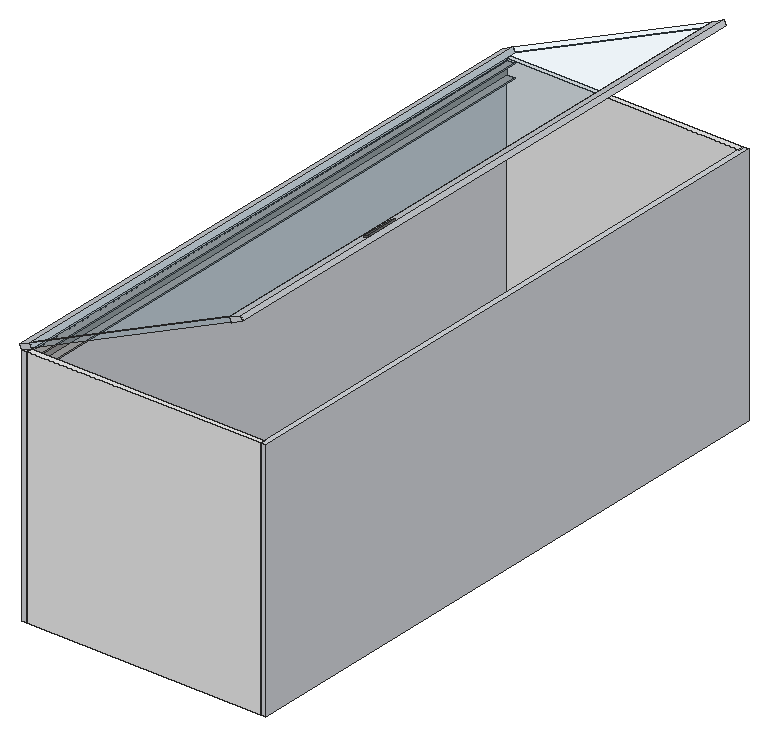
Revit family "Domotics-CablaggioStrutturato-GEWISS-QUADRI_PAVIMENTO_19_42U_P800", category Apparecchi elettrici, host Superficie, Revit 2019
Family settings
  Host = Superficie
  Mantenere orientamento annotazione = Sì
  Quota connettore circolare = Usa diametro
  Tipo di parte = Normale
  Numero OmniClass = 23.80.30.00
  Titolo OmniClass = Distribution Devices
  Taglio con vuoti quando caricato = No
  Condiviso = No
  Punto di calcolo locali = Sì
Parameters (values of type "GW38463 - ARMADIO DA PAVIMENTO 19 42U 800x800MM")
  simbolo in pianta [instance] = yes
  n_poli = 1
  barra din = yes
  Visibilità sportello [instance] = yes
  Versione file RFA = "21.2"
  UnitÃ  di cablaggio = "42 U"
  URL = "https://www.gewiss.com/it/it"
  Tipologia porta = "Reversibile"
  Scheda Tecnica = "https://www.gewiss.com/it/it/search?q=GW38463"
  SEO = "Armadio LAN"
  Prospetto di default = 900 mm
  ProfonditÃ  (mm) = "800 mm"
  Produttore = "GEWISS S.p.A."
  Portata statica = "1000KG"
  Nome quadro [instance] = "n.quadro"
  N. montanti = "4"
  Modello = "GW38463"
  Materiale = "Acciaio"
  Immagine tipo = C.jpg
  IDT = "cd83dd094835441a857497f56a0b9f0e"
  IDF = "a5d9981e-bafc-470c-bb79-f697131a7422"
  Grado di protezione = "IP20"
  Finitura = "Bucciata"
  Distanza_x [instance] = 300 mm
  Distanza simbolo [instance] = 0 mm
  Distanza effettiva x [instance] = 1000 mm - Distanza_x  # 700 mm
  Dim. esterne BxHxP (mm) = "800x1985x800"
  Descrizione = "ARMADIO DA PAVIMENTO 19 42U 800x800MM"
  Creato da GEWISS S.p.A. = ""
  Colore = "Grigio (RAL 7035)"
  Codice Electrocod = "3752"
  Categoria = "Armadio da pavimento 19\""
  Catalogo = "DOMOTICS"
  COBie.Tagnumber = ""
  COBie.CreatedOn = ""
  COBie.CreatebBy = ""
  COBie.ComponentRegisterItemID = ""
  COBie.Component.TagNumber = ""
  COBie.Component.Space = ""
  COBie.Component.SerialNumber = ""
  COBie.Component.InstallationDate = ""
  COBie.Component.Description = ""
  COBie.Component.BarCode = ""
  Apertura porta = "135°"
  Apertura [instance] = 25.00°
Reference planes
  plane 1 "Centro (Fronte/Retro)": y = 0
  plane 2: z = 0
  plane 3 "Centro (Sinistra/Destra)": x = 0
  plane 4: x = -1380.34
  plane 5: x = -680.34
Forms (mm)
  Extrusion 1, solid, detail levels coarse
    sketch origin (0, 0, 0) x (1, 0, 0) y (0, 1, 0)
      loop
        line (783.5, 0) -> (783.5, 1985) -> (-16.5, 1985) -> (-16.5, 0) -> (783.5, 0)
    from 0 to 600
Dimensions and locks
  plane 4 to plane 3 "Centro (Sinistra/Destra)" = 1380.34 mm
  "Distanza effettiva x": plane 4 to plane 5
  aligned and locked: host face to plane 2
  aligned and locked: host face to level
  aligned and locked: plane 1 "Centro (Fronte/Retro)" to nested 1
  aligned and locked: nested 2 to plane 5
  aligned and locked: Extrusion 1 sketch curve to nested 1  (x4)
  aligned and locked: plane 3 "Centro (Sinistra/Destra)" to nested 1
  aligned and locked: nested 1 to host face
Automatic sketch dimensions
  host sketch curve to host sketch curve = 3398.537 mm
  host sketch curve to host sketch curve = 3619.2 mm
Nested families
  nested 1: "DATACENTER ARMADIO PARETE 42U P800mM_BASE" at (-16.5, 0, 0), Apertura <- "Apertura", Sportello <- "Visibilità sportello", visible <- "Visibilità sportello", Barra din <- "barra din", Sportello visibile <- "Visibilità sportello", type "DATACENTER ARMADIO PARETE 42U P800mM_BASE", detail levels medium+fine
    with Sportello visibile yes, Sportello yes, Barra din yes, Apertura 25.00°
  nested 2: "DATACENTERsimbolo" at (-680.34, 911.19, 0), Distanza dal muro <- "Distanza simbolo", SIMBOLO ACCESO <- "simbolo in pianta", visible <- "simbolo in pianta", type "3P"
    with SIMBOLO ACCESO yes, Distanza dal muro 0 mm
Connectors
  electrical at (383.5, 992.5, 0), driven by "n_poli"
    settings: on nested 1, index 1, voltage 0 V, apparent load 0 VA, apparent load phase1 0 VA, apparent load phase2 0 VA, apparent load phase3 0 VA, power factor 1, load classification "Altro", number of poles 1, system type 31, power factor state 1, is connector primary yes, connector utility no, sub classification motor no, connector description ""
Definition of nested family "DATACENTER ARMADIO PARETE 42U P800mM_BASE"
  Parameters (values of type "DATACENTER ARMADIO PARETE 42U P800mM_BASE")
    Struttura = none
    Sportello_vetro = none
    Sportello visibile [instance] = yes
    Sportello lato = none
    Sportello [instance] = yes
    Profondità quadro = 800 mm  # constant formula
    L_quadro = 800 mm  # constant formula
    Barra din [instance] = yes
    Altezza quadro = 1985 mm  # constant formula
    Apertura [instance] = 32.00°
  Reference planes
    plane 1 "Centro (Fronte/Retro)": y = 0
    plane 2: z = 0
    plane 3 "Centro (Sinistra/Destra)": x = 0
    plane 4: x = 800
    plane 5: y = 1985
    plane 6: x = 16.5
    plane 7: y = 1968.5
    plane 8: y = 16.5
    plane 9: x = 783.5
    plane 10: z = 800
    plane 11: z = 16.5
    plane 12: x = 46.5
    plane 13: x = 18.5
    plane 14: z = 796
    plane 15: z = 751
    plane 16: z = 794
    plane 17: x = 20.5
    plane 18: z = 753
    plane 19: x = 44.5
    plane 20: z = 18.5
    plane 21: z = 63.5
    plane 22: z = 61.5
    plane 23: z = 20.5
  Forms (mm)
    Extrusion 1, solid, material <- "Struttura"
      sketch origin (0, 0, 0) x (1, 0, 0) y (0, 1, 0)
        loop
          line (16.5, 1968.5) -> (783.5, 1968.5) -> (783.5, 1985) -> (16.5, 1985) -> (16.5, 1968.5)
      from 0 to 800
    Extrusion 2, solid
      sketch origin (0, 0, 0) x (1, 0, 0) y (0, 1, 0)
        loop
          line (16.5, 1968.5) -> (16.5, 16.5) -> (783.5, 16.5) -> (783.5, 1968.5) -> (16.5, 1968.5)
      from 0 to 16.5
    Extrusion 3, solid
      sketch origin (458.466, 0, 1086.482) x (-0.848048, 0, -0.529919) y (0, -1, 0)
        loop
          line (-259.386, 0) -> (-259.386, -1985) -> (-220.759, -1985) -> (-220.759, 0) -> (-259.386, 0)
        loop
          line (540.614, -1985) -> (540.614, 0) -> (506.604, 0) -> (506.604, -1985) -> (540.614, -1985)
      from 0 to 15
    Extrusion 4, solid, material <- "Sportello_vetro", visible <- "Sportello visibile"
      sketch origin (458.466, 0, 1086.482) x (-0.848048, 0, -0.529919) y (0, -1, 0)
        loop
          line (506.604, 0) -> (-220.759, 0) -> (-220.759, -1985) -> (506.604, -1985) -> (506.604, 0)
      from 0 to 15
    Extrusion 5, solid
      sketch origin (0, 0, 0) x (1, 0, 0) y (0, 1, 0)
        loop
          line (0, 1985) -> (0, 0) -> (16.5, 0) -> (16.5, 1985) -> (0, 1985)
        loop
          line (800, 0) -> (800, 1985) -> (783.5, 1985) -> (783.5, 0) -> (800, 0)
      from 0 to 800
    Extrusion 6, solid, material <- "Struttura"
      sketch origin (0, 400, 0) x (1, 0, 0) y (0, 1, 0)
        loop
          line (16.5, -383.5) -> (16.5, -400) -> (783.5, -400) -> (783.5, -383.5) -> (16.5, -383.5)
      from 0 to 800
    Extrusion 7, solid
      sketch origin (458.466, 0, 1086.482) x (-0.848048, 0, -0.529919) y (0, -1, 0)
        loop
          line (-234.386, -647.5) -> (-234.386, -537.5) -> (-249.386, -537.5) -> (-249.386, -647.5) -> (-234.386, -647.5)
      from 2.698 to 17.686
    Extrusion 8, solid, visible <- "Barra din"
      sketch origin (0, 0, 0) x (1, 0, 0) y (0, 0, 1)
        loop
          line (46.5, 796) -> (18.5, 796) -> (18.5, 751) -> (46.5, 751) -> (46.5, 753) -> (20.5, 753) -> (20.5, 794) -> (46.5, 794) -> (46.5, 796)
      from -1968.5 to -16.5
    Extrusion 9, solid, visible <- "Barra din"
      sketch origin (0, 0, 600) x (1, 0, 0) y (0, 0, 1)
        loop
          line (46.5, -581.5) -> (46.5, -579.5) -> (20.5, -579.5) -> (20.5, -538.5) -> (46.5, -538.5) -> (46.5, -536.5) -> (18.5, -536.5) -> (18.5, -581.5) -> (46.5, -581.5)
      from -1968.5 to -16.5
  Lines and regions (mm)
    reference lines
      curve 1: line (458.466, 0, 1086.482) -> (0, 0, 800)
  Dimensions and locks
    "L_quadro": plane 3 "Centro (Sinistra/Destra)" to plane 4
    "Altezza quadro": plane 1 "Centro (Fronte/Retro)" to plane 5
    locked: plane 5 to plane 7 at 16.5
    locked: plane 9 to plane 4 at 16.5
    locked: plane 3 "Centro (Sinistra/Destra)" to plane 6 at 16.5
    locked: plane 1 "Centro (Fronte/Retro)" to plane 8 at 16.5
    "Profondità quadro": plane 10 to plane 2
    locked: plane 11 to level at 16.5
    locked: plane 6 to plane 12 at 30
    locked: Extrusion 3 sketch curve to Extrusion 3 sketch curve at 38.628
    locked: Extrusion 3 sketch curve to Extrusion 3 sketch curve at 34.009
    "L_quadro": Extrusion 3 sketch curve to Extrusion 3 sketch curve
    "Altezza quadro": Extrusion 3 sketch curve to Extrusion 3 sketch curve  (x2)
    "Altezza quadro": Extrusion 4 sketch curve to Extrusion 4 sketch curve
    Extrusion 7 sketch curve to Extrusion 7 sketch curve = 15 mm
    Extrusion 3 to Extrusion 3 = 1985 mm
    locked: plane 13 to plane 6 at 2
    locked: plane 10 to plane 14 at 4
    locked: plane 14 to plane 16 at 2
    locked: plane 18 to plane 15 at 2
    locked: plane 14 to plane 15 at 45
    locked: plane 23 to plane 20 at 2
    "Apertura": angle plane 10 to curve 1
    aligned and locked: level to plane 2
    aligned and locked: Extrusion 1 sketch curve to plane 7
    aligned and locked: Extrusion 1 sketch curve to plane 5
    aligned and locked: Extrusion 1 sketch curve to plane 6
    aligned and locked: plane 9 to Extrusion 1 sketch curve
    aligned and locked: plane 10 to Extrusion 1
    aligned and locked: Extrusion 2 sketch curve to plane 6
    aligned and locked: Extrusion 2 sketch curve to plane 7
    aligned and locked: Extrusion 2 sketch curve to plane 9
    aligned and locked: Extrusion 2 sketch curve to plane 8
    aligned and locked: plane 11 to Extrusion 2
    aligned and locked: curve 1 to Extrusion 1
    aligned and locked: plane 10 to curve 1
    aligned and locked: Extrusion 3 sketch curve to plane 5
    aligned and locked: Extrusion 3 sketch curve to plane 1 "Centro (Fronte/Retro)"
    aligned and locked: Extrusion 4 sketch curve to curve 1
    aligned and locked: Extrusion 4 sketch curve to Extrusion 3  (x2)
    aligned and locked: Extrusion 5 sketch curve to plane 3 "Centro (Sinistra/Destra)"
    aligned and locked: Extrusion 5 sketch curve to plane 6
    aligned and locked: Extrusion 5 sketch curve to plane 4
    aligned and locked: Extrusion 5 sketch curve to plane 9
    aligned and locked: Extrusion 5 sketch curve to plane 5
    aligned and locked: Extrusion 5 sketch curve to plane 1 "Centro (Fronte/Retro)"
    aligned and locked: plane 10 to Extrusion 5
    aligned and locked: plane 8 to Extrusion 6 sketch curve
    aligned and locked: plane 1 "Centro (Fronte/Retro)" to Extrusion 6 sketch curve
    aligned and locked: plane 9 to Extrusion 6 sketch curve
    aligned and locked: plane 6 to Extrusion 6 sketch curve
    aligned and locked: Extrusion 8 sketch curve to plane 14
    aligned and locked: Extrusion 8 sketch curve to plane 13
    aligned and locked: Extrusion 8 sketch curve to plane 15
    aligned and locked: Extrusion 8 sketch curve to plane 18
    aligned and locked: Extrusion 8 sketch curve to plane 17
    aligned and locked: Extrusion 8 sketch curve to plane 12
    aligned and locked: Extrusion 8 sketch curve to plane 16
    aligned and locked: Extrusion 8 to Extrusion 1
    aligned and locked: Extrusion 8 to Extrusion 6
    aligned and locked: plane 21 to Extrusion 9 sketch curve
    aligned and locked: plane 22 to Extrusion 9 sketch curve
    aligned and locked: plane 23 to Extrusion 9 sketch curve
    aligned and locked: plane 20 to Extrusion 9 sketch curve
    aligned and locked: plane 17 to Extrusion 9 sketch curve
    aligned and locked: plane 13 to Extrusion 9 sketch curve
    aligned and locked: Extrusion 2 to Extrusion 9
    aligned and locked: Extrusion 9 to Extrusion 1
    aligned and locked: Extrusion 6 to Extrusion 1
  Automatic sketch dimensions
    plane 1 "Centro (Fronte/Retro)" to Extrusion 5 sketch curve = 0 mm
    Extrusion 5 sketch curve to plane 5 = 0 mm
    Extrusion 8 sketch curve to plane 12 = 0 mm
    Extrusion 9 sketch curve to plane 12 = 0 mm  (x2)
    Extrusion 7 sketch curve to curve 1 = 249.386 mm
    Extrusion 7 sketch curve to Extrusion 7 sketch curve = 15 mm
    Extrusion 7 sketch curve to curve 1 = 647.5 mm
    Extrusion 7 sketch curve to Extrusion 7 sketch curve = 110 mm
    curve 1 to plane 3 "Centro (Sinistra/Destra)" = 0 mm
    Extrusion 3 sketch curve to curve 1 = 0 mm
Definition of nested family "DATACENTERsimbolo"
  Parameters (values of type "3P")
    SIMBOLO ACCESO [instance] = yes
    Distanza dal muro [instance] = 0 mm
  Reference planes
    plane 1: y = 0
    plane 2: x = 0
  Dimensions and locks
    "Distanza dal muro": plane 1 to nested 1
    aligned and locked: plane 2 to nested 1
  Nested families
    nested 1: "DATACENTERsimbolo.base" at (0, 0, 0), type "3P"
      with CORNICE SIMBOLO yes
  Definition of nested family "DATACENTERsimbolo.base"
    Parameters (values of type "3P")
      Testo = ""
      CORNICE SIMBOLO [instance] = yes
      3P = yes
    Reference planes
      plane 1: y = 0
      plane 2: x = 0
    Lines and regions (mm)
      detail lines
        curve 1: line (6.852, 3.426, 0) -> (8.859, 3.426, 0)
        curve 2: line (8.859, 3.426, 0) -> (8.859, 0, 0)
        curve 3: line (8.859, 0, 0) -> (6.852, 0, 0)
        curve 4: line (6.852, 0, 0) -> (0, 3.426, 0)
        curve 5: line (0, 3.426, 0) -> (3.027, 3.426, 0)
        curve 6: line (3.027, 3.426, 0) -> (6.852, 3.426, 0)
        curve 7: line (6.852, 3.426, 0) -> (6.852, 0, 0)
        curve 8: line (6.852, 0, 0) -> (0, 0, 0)
        curve 9: line (0, 0, 0) -> (0, 3.426, 0)
        curve 10: line (7.856, 1.713, 0) -> (7.856, 2.67, 0)
        curve 11: line (8.526, 0.756, 0) -> (8.526, 1.713, 0)
        curve 12: line (8.526, 1.713, 0) -> (7.185, 1.713, 0)
        curve 13: line (7.185, 1.713, 0) -> (7.185, 0.756, 0)
    Text (mm)
      label "RJ" at (7.87, 1.29, 0), shows "Testo"
    Nested families
      nested 1: "testo_simb" at (7.89, 1.134, 0), type "3P"
        with SIMBOLO ACCESO yes, Distanza dal muro 0 mm
      nested 2: "testo_simb" at (7.855, 0, 0), type "3P"
        with SIMBOLO ACCESO yes, Distanza dal muro 0 mm
      nested 3: "testo_simb" at (7.855, 0, 0), type "3P"
        with SIMBOLO ACCESO yes, Distanza dal muro 0 mm
      nested 4: "testo_simb" at (7.855, 0, 0), type "3P"
        with SIMBOLO ACCESO yes, Distanza dal muro 0 mm
      nested 5: "testo_simb" at (7.855, 0, 0), type "3P"
        with SIMBOLO ACCESO yes, Distanza dal muro 0 mm
    Definition of nested family "testo_simb"
      Parameters (values of type "3P")
        testo simb = ""
        SIMBOLO ACCESO [instance] = yes
        Distanza dal muro [instance] = 0 mm
      Reference planes
        plane 1: y = 0
        plane 2: x = 0
      Text (mm)
        label "RJ" at (0.02, 0.123, 0), shows "testo simb"
